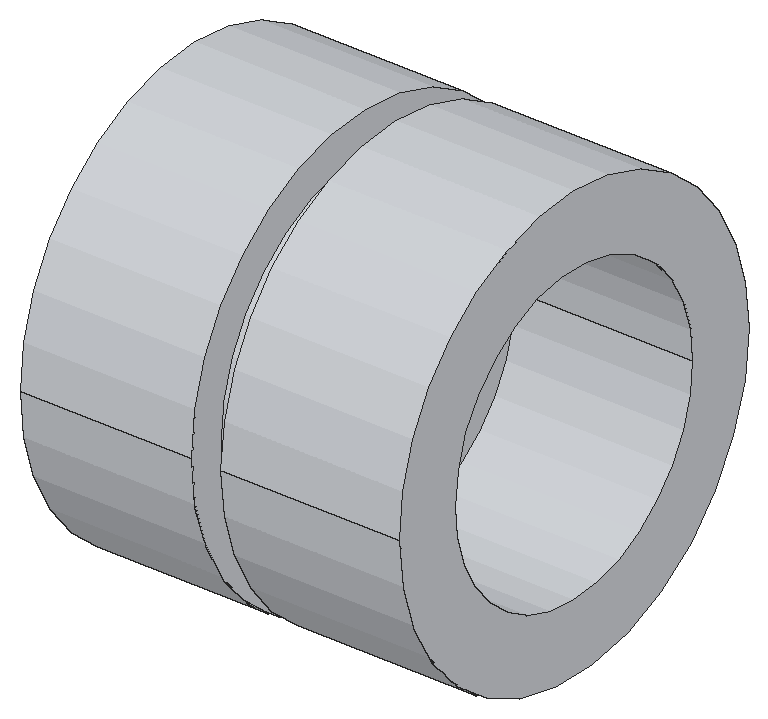
Revit family "Flanschmuffenstück", category Rohrformteile, Revit 2020
Family settings
  Bemaßung runder Anschluss = Radius verwenden
  Teiletyp = Verbindung
  Arbeitsebenenbasiert = Nein
  Immer vertikal = Ja
  Beim Laden mit Abzugskörper schneiden = Nein
  Gemeinsam genutzt = Nein
Parameters (values of type "Standard")
  € [instance] = if(DN = 100 mm, 227.95, if(DN = 125 mm, 321.62, if(DN = 150 mm, 360.72, if(DN = 200 mm, 508.88, if(DN = 250 mm, 728.12, if(DN = 300 mm, 1032.24, 0))))))  # 227.95
  kg [instance] = if(DN = 100 mm, 11.00 kg, if(DN = 125 mm, 12.10 kg, if(DN = 150 mm, 14.80 kg, if(DN = 200 mm, 23.40 kg, if(DN = 250 mm, 38.00 kg, if(DN = 300 mm, 48.00 kg, 0.00 kg))))))  # 11.00 kg
  Vorgabe-Ansicht = 0 mm
  Radius Muffe außen [instance] = Radius Muffe * 1.2  # 73.2 mm
  Radius Muffe [instance] = size_lookup("PressConnector", "Rad1", 0.52 * Nenndurchmesser + 2.5 mm, Nenndurchmesser)  # 61 mm
  Radius Muffenkontur [instance] = size_lookup("PressConnector", "Rad2", 0.018 * Nenndurchmesser + 2.5 mm, Nenndurchmesser)  # 10 mm
  Oberfläche [instance] = none
  Muffenkontur Abstand [instance] = size_lookup("PressConnector", "Lgt2", 0.15 * Nenndurchmesser + 7.4 mm, Nenndurchmesser)  # 20 mm
  Länge Muffe 2 [instance] = Nenndurchmesser / 2 * 1.2  # 60 mm
  Länge Muffe [instance] = 2.5 mm  # constant formula
  Radius außen [instance] = size_lookup(Name der Abruftabelle, "ORad1", 0.54 * Nenndurchmesser + 0.2 mm, Nenndurchmesser)  # 54 mm
  Nennradius [instance] = 50 mm
  Nenndurchmesser [instance] = Nennradius * 2  # 100 mm
  Verlustberechnungsmethode = K-Koeffizient aus Tabelle
  Name der Abruftabelle = "Transition Stainless Steel Press"
  Länge [instance] = 5 mm  # constant formula
  K-Koeffizient-Tabelle = "Reduktionsstück/Kupplung/Verbindung/Erweiterungsstück"
  DN [instance] = Nenndurchmesser  # 100 mm
  # [instance] = if(Nenndurchmesser = 100 mm, "FUCHSEU100", if(Nenndurchmesser = 125 mm, "FUCHSEU125", if(Nenndurchmesser = 150 mm, "FUCHSEU150", if(Nenndurchmesser = 200 mm, "FUCHSEU200", if(Nenndurchmesser = 250 mm, "FUCHSEU250", if(Nenndurchmesser = 300 mm, "FUCHSEU300", "-"))))))  # "FUCHSEU100"
Reference planes
  plane 1 "Mitte (Vorne/hinten)": y = 0
  plane 2: z = 0
  plane 3 "Mitte (Links/rechts)": x = 0
  plane 4: x = 2.5
  plane 5: x = -5
  plane 6: x = 5
  plane 7: x = 15
  plane 8: y = 61
  plane 9: x = -15
  plane 10: z = 50
  plane 11: z = -50
  plane 12: y = 50
  plane 13: y = -50
  plane 14: x = -2.5
  plane 15: x = 65
  plane 16: x = -62.5
Forms (mm)
  Extrusion 1, solid, material <- "Oberfläche", detail levels fine
    sketch origin (2.5, 298.262, 1219.2) x (0, 1, 0) y (0, 0, 1)
      loop
        circle (-298.262, -1219.2) r 61
    from 0 to 2.5
  Extrusion 2, solid, material <- "Oberfläche", detail levels fine
    sketch origin (0, 0, 0) x (0, 1, 0) y (0, 0, 1)
      loop
        circle (0, 0) r 61
    from -2.5 to -5
  Blend 3, solid, material <- "Oberfläche", detail levels fine
    base sketch origin (0, 0, 0) x (0, 1, 0) y (0, 0, 1)
      loop
        circle (0, 0) r 54
    top sketch origin (0, 0, 0) x (0, 1, 0) y (0, 0, 1)
      loop
        circle (0, 0) r 54
    from -2.5 to 2.5
  Extrusion 4, solid
    sketch origin (0, 0, 0) x (0, 1, 0) y (0, 0, 1)
      loop
        circle (0, 0) r 50
      loop
        circle (0, 0) r 73.2
    from 5 to 65
  Extrusion 5, solid
    sketch origin (0, 0, 0) x (0, 1, 0) y (0, 0, 1)
      loop
        circle (0, 0) r 50
      loop
        circle (0, 0) r 73.2
    from -62.5 to -5
Lines and regions (mm)
  model lines, detail levels coarse+medium
    curve 1: line (-5, 0, 0) -> (5, 0, 0)
    curve 2: line (0, 50, 0) -> (0, -50, 0)
    curve 3: line (-2.5, 50, 0) -> (2.5, 50, 0)
    curve 4: line (-2.5, -50, 0) -> (2.5, -50, 0)
  model lines, style "Symbol", detail levels coarse+medium
    curve 5: line (-5, 0, 0) -> (5, 0, 0)
    curve 6: line (0, 0, 50) -> (0, 0, -50)
    curve 7: line (-2.5, 0, 50) -> (2.5, 0, 50)
    curve 8: line (-2.5, 0, -50) -> (2.5, 0, -50)
    curve 9: circle (0, 0, 0) r 50 normal (1, 0, 0)
Dimensions and locks
  "Länge": plane 14 to plane 4
  "Länge Muffe": plane 4 to plane 6
  "Länge Muffe": plane 5 to plane 14
  "Muffenkontur Abstand": plane 5 to plane 7
  "Muffenkontur Abstand": plane 9 to plane 6
  "Radius Muffe": plane 1 "Mitte (Vorne/hinten)" to plane 8
  equal spacing: plane 11, level, plane 10
  "Nennradius": level to plane 10
  equal spacing: plane 13, plane 1 "Mitte (Vorne/hinten)", plane 12
  "Nennradius": plane 1 "Mitte (Vorne/hinten)" to plane 12
  equal spacing: plane 14, plane 3 "Mitte (Links/rechts)", plane 4
  "Länge Muffe 2": plane 6 to plane 15
  "Länge Muffe 2": plane 16 to plane 14
  "Radius Muffe": radius of Extrusion 1 sketch curve
  "Radius Muffe": radius of Extrusion 2 sketch curve
  "Radius außen": radius of Blend 3 sketch curve  (x2)
  "Nennradius": radius of curve 9
  "Nennradius": radius of Extrusion 4 sketch curve
  "Nennradius": radius of Extrusion 5 sketch curve
  "Radius Muffe außen": radius of Extrusion 5 sketch curve
  "Radius Muffe außen": radius of Extrusion 4 sketch curve
  aligned and locked: plane 2 to level
  aligned and locked: Extrusion 1 to plane 6
  aligned and locked: Extrusion 1 to plane 4
  aligned and locked: Extrusion 2 to plane 5
  aligned and locked: Blend 3 to plane 4
  aligned and locked: Extrusion 2 to plane 14
  aligned and locked: Blend 3 to plane 14
  aligned and locked: plane 1 "Mitte (Vorne/hinten)" to curve 1
  aligned and locked: curve 2 to plane 3 "Mitte (Links/rechts)"
  aligned and locked: plane 12 to curve 3
  aligned and locked: plane 13 to curve 4
  aligned and locked: curve 5 to level
  aligned and locked: curve 6 to plane 3 "Mitte (Links/rechts)"
  aligned and locked: curve 7 to plane 10
  aligned and locked: curve 8 to plane 11
  aligned and locked: Extrusion 4 to plane 6
  aligned and locked: Extrusion 4 to plane 15
  aligned and locked: Extrusion 5 to plane 16
  aligned and locked: Extrusion 5 to plane 5
Automatic sketch dimensions
  curve 1 to plane 5 = 0 mm
  curve 3 to plane 14 = 0 mm
  curve 4 to plane 14 = 0 mm
  curve 3 to plane 4 = 0 mm
  curve 4 to plane 4 = 0 mm
  curve 1 to plane 6 = 0 mm
  curve 5 to plane 5 = 0 mm
  curve 7 to plane 14 = 0 mm
  curve 8 to plane 14 = 0 mm
  curve 7 to plane 4 = 0 mm
  curve 8 to plane 4 = 0 mm
  plane 6 to curve 5 = 0 mm
  Extrusion 1 sketch curve to level = 0 mm
  Extrusion 1 sketch curve to plane 1 "Mitte (Vorne/hinten)" = 0 mm
  Extrusion 2 sketch curve to level = 0 mm
  Extrusion 2 sketch curve to plane 1 "Mitte (Vorne/hinten)" = 0 mm
  Blend 3 sketch curve to level = 0 mm  (x2)
  Blend 3 sketch curve to plane 1 "Mitte (Vorne/hinten)" = 0 mm  (x2)
  curve 9 to level = 0 mm
  curve 9 to plane 1 "Mitte (Vorne/hinten)" = 0 mm
  Extrusion 4 sketch curve to Extrusion 4 sketch curve = 0 mm  (x2)
  Extrusion 4 sketch curve to level = 0 mm
  Extrusion 4 sketch curve to plane 1 "Mitte (Vorne/hinten)" = 0 mm
  Extrusion 5 sketch curve to Extrusion 5 sketch curve = 0 mm  (x2)
  Extrusion 5 sketch curve to level = 0 mm
  Extrusion 5 sketch curve to plane 1 "Mitte (Vorne/hinten)" = 0 mm
Connectors
  piping at (-5, 0, 0), diameter 100, driven by "Nennradius"
    settings: on Extrusion 2, index 1, connector inside diameter 40 mm, connector length 0 mm, flow factor 0, pipe flow 0 GPM, pressure drop 0.00 psi, fitting loss kfactor 0, connector angle 0.00°, fixture units 0, engagement length 0 mm, angle of deflection 0.00°, flow configuration 0, flow direction 0, fitting loss method 0, system type 28, joint type 0, gender type 0, connector reference index 2, connector utility 0, adjustable connector no, is connector primary yes, connector description ""
  piping at (5, 0, 0), diameter 100, driven by "Nennradius"
    settings: on Extrusion 1, index 2, connector inside diameter 40 mm, connector length 0 mm, flow factor 0, pipe flow 0 GPM, pressure drop 0.00 psi, fitting loss kfactor 0, connector angle 0.00°, fixture units 0, engagement length 0 mm, angle of deflection 0.00°, flow configuration 0, flow direction 0, fitting loss method 0, system type 28, joint type 0, gender type 0, connector reference index 1, connector utility 0, adjustable connector no, is connector primary no, connector description ""
